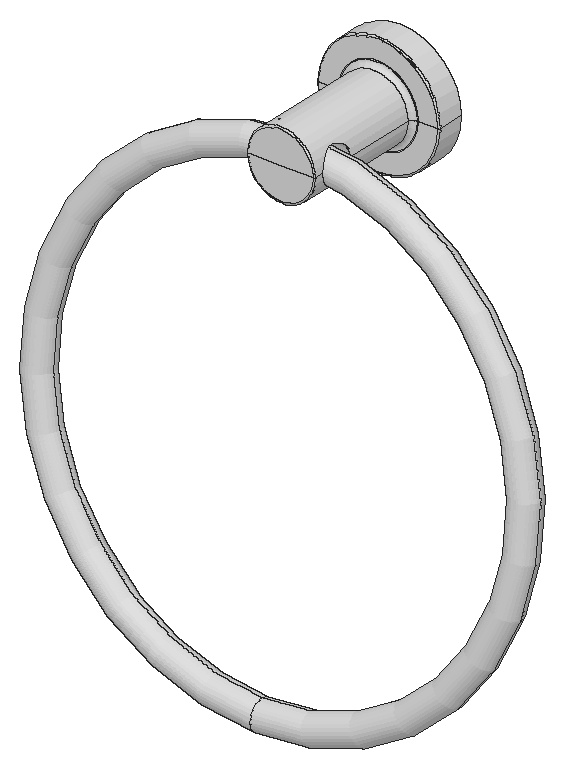
Revit family "Reece_Accessory_Sussex_Scala_Guest Towel Ring", category Plumbing Fixtures, host Face, Revit 2018
Family settings
  Host = Face
  Round Connector Dimension = Use Diameter
  Part Type = Normal
  Cut with Voids When Loaded = Yes
  Shared = Yes
  Room Calculation Point = Yes
Parameters (values of type "Matte White")
  URL = "https://www.reece.com.au/product/-2263796"
  Type Comments = "Accessory"
  Reece_Product_Web Page = "https://www.reece.com.au/product/-2263796"
  Reece_Product_Type = "Accessory"  # constant formula
  Reece_Product_Sub Brand = "Scala"  # constant formula
  Reece_Product_Number = "2263796"
  Reece_Product_Mount = "Wall Mounted"
  Reece_Product_Description = "Sussex Scala Guest Towel Ring Matte White"
  Reece_Product_Brand = "Sussex"  # constant formula
  Reece_Overall_Projection = 55 mm  # constant formula
  Reece_Overall_Height = 206 mm  # constant formula
  Reece_Overall_Diameter = 190 mm  # constant formula
  Reece_Material_Main = Reece_Brass_Matte White
  Reece_Height_From_Level [instance] = 800 mm
  Reece_Detail_Disclaimer = "THIS FILE IS THE PROPERTY OF THE REECE GROUP. IT MAY NOT BE REPRODUCED, REVERSE-ENGINEERED OR MODIFIED. ANY REPUBLICATION, TRANSMISSION OR DISTRIBUTION FOR THE PURPOSE OF COMMERCIALLY EXPLOITING THE FILES IS PROHIBITED."  # constant formula
  Reece_Detail_Additional = ""
  Model = "Scala"
  Manufacturer = "Sussex"
  Keynote = "Product #2263796, Reece_Accessory_Sussex_Scala_Guest Towel Ring - Matte White"
  Disclaimer = "THIS FILE IS THE PROPERTY OF THE REECE GROUP. IT MAY NOT BE REPRODUCED, REVERSE-ENGINEERED OR MODIFIED. ANY REPUBLICATION, TRANSMISSION OR DISTRIBUTION FOR THE PURPOSE OF COMMERCIALLY EXPLOITING THE FILES IS PROHIBITED."  # constant formula
  Description = "Scala Guest Towel Ring Matte White"
  Default Elevation = 0 mm
Types (4, lengths in mm): name | URL | Reece_Product_Web Page | Reece_Product_Number | Reece_Product_Description | Reece_Material_Main | Keynote | Description
  Chrome | "https://www.reece.com.au/product/-2261351" | "https://www.reece.com.au/product/-2261351" | "2261351" | "Sussex Scala Guest Towel Ring Chrome" | Reece_Brass_Chrome | "Product #2261351, Reece_Accessory_Sussex_Scala_Guest Towel Ring - Chrome" | "Scala Guest Towel Ring Chrome"
  Satin Chrome | "https://www.reece.com.au/product/-2261381" | "https://www.reece.com.au/product/-2261381" | "2261381" | "Sussex Scala Guest Towel Ring Satin Chrome" | Reece_Brass_Satin Chrome | "Product #2261381, Reece_Accessory_Sussex_Scala_Guest Towel Ring - Satin Chrome" | "Scala Guest Towel Ring Satin Chrome"
  Matte White | "https://www.reece.com.au/product/-2263796" | "https://www.reece.com.au/product/-2263796" | "2263796" | "Sussex Scala Guest Towel Ring Matte White" | Reece_Brass_Matte White | "Product #2263796, Reece_Accessory_Sussex_Scala_Guest Towel Ring - Matte White" | "Scala Guest Towel Ring Matte White"
  PVD Brushed Platinum Gold | "https://www.reece.com.au/product/-2268344" | "https://www.reece.com.au/product/-2268344" | "2268344" | "Sussex Scala Guest Towel Ring LUX PVD Brushed Platinum Gold" | Reece_PVD_Brushed_Platinum Gold | "Product #2268344, Reece_Accessory_Sussex_Scala_Guest Towel Ring - PVD Brushed Platinum Gold" | "Scala Guest Towel Ring LUX PVD Brushed Platinum Gold"
Reference planes
  plane 1 "Center (Front/Back)": y = 0
  plane 2 "Bottom Host Plane": z = -5
  plane 3 "Center (Left/Right)": x = 0
  plane 4 "Fixing Point": z = 800
  plane 5: x = -95
  plane 6: x = 95
  plane 7: z = 822.5
  plane 8: z = 777.5
  plane 9: z = 812.5
  plane 10: z = 787.5
  plane 11: z = 616.519
Forms (mm)
  Extrusion 1, void
    sketch origin (0, 2.108, 0) x (0, 1, 0) y (0, 0, 1)
      loop
        circle (-47.108, 800) r 6.5
    from -15.516 to 15.081
  Revolve 2, solid, material "Reece_Brass_Matte White" <- "Reece_Material_Main"
    sketch origin (0, 0, 800) x (-1, 0, 0) y (0, -1, 0)
      loop
        line (0, 0) -> (0, 55) -> (-12, 55)
        arc (-12, 55) -> (-12.354, 54.854) -> (-12.5, 54.5) r 0.5
        line (-12.5, 54.5) -> (-12.5, 12)
        arc (-12.5, 12) -> (-13.086, 10.586) -> (-14.5, 10) r 2
        line (-14.5, 10) -> (-14.5, 8.544) -> (-14.863, 10) -> (-22, 10)
        arc (-22, 10) -> (-22.354, 9.854) -> (-22.5, 9.5) r 0.5
        line (-22.5, 9.5) -> (-22.5, 0) -> (0, 0)
      axis (0, 0) -> (0, 55)
    angle from 0 to 360
  Sweep 3, solid, material "Reece_Brass_Matte White" <- "Reece_Material_Main"
    path origin (-60, -50.503, 747.641) x (0, -0.104528, -0.994522) y (1, 0, 0)
      loop
        circle (36.81, 60) r 89.5
    profile origin (89.5, -54.351, 711.033) x (-1, 0, 0) y (0, -0.994522, 0.104528)
      loop
        circle (0, -0.044) r 5.5
Cuts and joins
  Extrusion 1 cuts Revolve 2
Lines and regions (mm)
  model lines, style "InvisibleLines"
    curve 1: line (0, 0, -5) -> (0, 0, 800)
  reference lines
    curve 2: line (0, -45, 800) -> (0, -45.197, 798.129)
Text (mm)
  text "Reece ©" at (2731.555, -2489.51, 2795.747), in view "Reece Preview"
  text "Reece Copyright © 2018, Reece Ltd." at (-203.63, -137.399, 0), in view "Ref. Level"
Dimensions and locks
  "Reece_Height_From_Level": plane 4 "Fixing Point" to level
  "Reece_Overall_Diameter": plane 6 to plane 5
  equal spacing: plane 9, plane 4 "Fixing Point", plane 10, locked at 12.5 each
  equal spacing: plane 8, plane 4 "Fixing Point", plane 7, locked at 22.5 each
  plane 8 to plane 7 = 45 mm
  plane 9 to plane 10 = 25 mm
  plane 7 to plane 11 = 205.981 mm
  angle curve 2 to plane 4 "Fixing Point" = 84.00°
  aligned and locked: plane 4 "Fixing Point" to curve 1
Automatic sketch dimensions
  curve 1 to plane 2 "Bottom Host Plane" = 0 mm
  Extrusion 1 sketch curve to plane 4 "Fixing Point" = 0 mm
  plane 1 "Center (Front/Back)" to Extrusion 1 sketch curve = 45 mm
  curve 1 to plane 1 "Center (Front/Back)" = 0 mm
  curve 2 to Sweep 3 sketch curve = 89.457 mm
  curve 2 to Sweep 3 sketch curve = 0 mm
  Sweep 3 sketch curve to profile plane = 0 mm
  Sweep 3 sketch curve to profile plane = 0.044 mm
  curve 2 to plane 4 "Fixing Point" = 0 mm
  plane 1 "Center (Front/Back)" to curve 2 = 45.197 mm
  plane 1 "Center (Front/Back)" to Revolve 2 sketch curve = 0 mm  (x2)
  Revolve 2 sketch curve to plane 3 "Center (Left/Right)" = 0 mm  (x2)
  Revolve 2 sketch curve to Revolve 2 sketch curve = 12 mm
  Revolve 2 sketch curve to Revolve 2 sketch curve = 0.5 mm  (x2)
  Revolve 2 sketch curve to Revolve 2 sketch curve = 2 mm
  Revolve 2 sketch curve to Revolve 2 sketch curve = 7.5 mm
  plane 1 "Center (Front/Back)" to Revolve 2 sketch curve = 8.544 mm
  Revolve 2 sketch curve to Revolve 2 sketch curve = 0.956 mm
  Revolve 2 sketch curve to Revolve 2 sketch curve = 0 mm
  Revolve 2 sketch curve to Revolve 2 sketch curve = 42.5 mm
  Revolve 2 sketch curve to Revolve 2 sketch curve = 0.363 mm
  Revolve 2 sketch curve to Revolve 2 sketch curve = 5 mm
  radius of Extrusion 1 sketch curve = 6.5 mm
  radius of Sweep 3 sketch curve = 89.5 mm
  radius of Sweep 3 sketch curve = 5.5 mm
